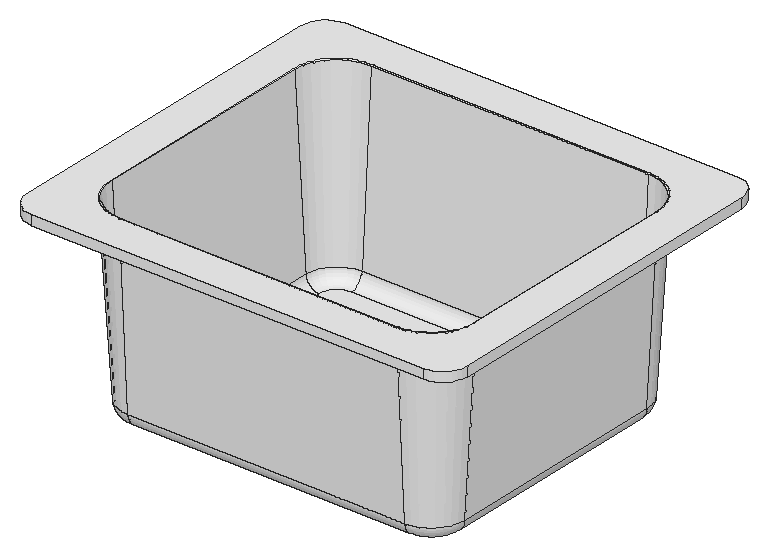
Revit family "Sink-American_Standard-Delancey-77SB16180.308", category Plumbing Fixtures, Revit 2019
Family settings
  Round Connector Dimension = Use Diameter
  Part Type = Normal
  OmniClass Number = 23.45.05.14.14
  OmniClass Title = Sinks/Lavatories
  Work Plane-Based = Yes
  Always vertical = No
  Cut with Voids When Loaded = Yes
  Shared = Yes
  Room Calculation Point = No
Parameters (values of type "77SB16180.308")
  Width = 18"  # constant formula
  Waste Connection Radius = Waste Connection Diameter / 2  # 3/4"
  Waste Connection Height = 11 9/16"
  Waste Connection Diameter = 1 1/2"
  Waste Connection = yes
  Warranty Information = "Limited Lifetime Warranty"
  WFU = 3  # constant formula
  Vent Connection = no
  URL = "https://www.americanstandard-us.com/"
  Type Comments = "Minimum 21\" (533mm) cabinet required"
  Stainless Steel Waste Fitting 9028000.075 = no
  Stainless Steel Bottom Grid 8422000.075 = no
  Sink Offset [instance] = 2"
  Revised Date = "03/07/2022"  # constant formula
  Product Page URL = "https://www.americanstandard-us.com/Single-Bowl-Kitchen-Sinks/Delancey-18-x-16-Inch-Cast-Iron-Undermount-Single-Bowl-Kitchen-Sink/BRILLIANT-WHITE-77SB16180308"
  Product Documentation Link = "https://americanstandard.box.com/shared/static/oyp14e9ec3n5oepqiemd7l81r271jr16.pdf"
  Price = "Prices may vary. Please consult Manufacturer Representative for most up-to-date price list."  # constant formula
  Model = "77SB16180.308"
  Material = "Cast Iron-American Standard-308-Brilliant White"
  Manufacturer = "American Standard"  # constant formula
  Length = 16"  # constant formula
  Installation Type = "Undermount"  # constant formula
  Hot Water Connection Width = 4"
  Hot Water Connection Radius = Hot Water Connection Diameter / 2  # 1/4"
  Hot Water Connection Height = Cold Water Connection Height  # 10 1/16"
  Hot Water Connection Diameter = 1/2"
  Height = 8"  # constant formula
  HWFU = 2  # constant formula
  HW Connection = yes
  Finish = Cast Iron-American Standard-308-Brilliant White
  Description = "Delancey Single Bowl Kitchen Sink"  # constant formula
  Default Elevation = 34"  # constant formula
  Creation Date = "02/07/2019"  # constant formula
  Cold Water Connection Width = Hot Water Connection Width  # 4"
  Cold Water Connection Radius = 1/4"
  Cold Water Connection Height = 10 1/16"
  Cold Water Connection Diameter = Cold Water Connection Radius * 2  # 1/2"
  CWFU = 2  # constant formula
  CW Connection = yes
  Basin Shape = "Rectangular"  # constant formula
  Assembly Code = "D2010410"
  ASME A112.19.2/CSA B45.1 = yes
Reference planes (in)
  plane 1 "Center (Front/Back)": y = 0
  plane 2: z = 0
  plane 3 "Center (Left/Right)": x = 0
  plane 4: x = -9
  plane 5: x = 9
  plane 6: y = -2
  plane 7: y = -18
  plane 8: z = -9
  plane 9: z = -1
  plane 10: y = -3.59375
  plane 11: y = -16.40625
  plane 12: x = 0
  plane 13: x = -7.40625
  plane 14: x = 7.40625
  plane 15: x = -1.09375
  plane 16: x = 1.09375
  plane 17: y = -10
  plane 18: x = -4
  plane 19: x = 4
  plane 20: z = -1.375
  plane 21: x = -4
  plane 22: x = 4
  plane 23: x = 8
  plane 24: z = -8.9375
  plane 25 "Finished FLoor": z = -35
Forms (in)
  Sweep 1, solid, material "Cast Iron-American Standard-308-Brilliant White" <- "Finish"
    path origin (0, 0, 0) x (1, 0, 0) y (0, 1, 0)
      loop
        arc (-5.65625, -3.59375) -> (-6.89369, -4.10631) -> (-7.40625, -5.34375) r 1.75
        line (-7.40625, -5.34375) -> (-7.40625, -14.65625)
        arc (-7.40625, -14.65625) -> (-6.89369, -15.89369) -> (-5.65625, -16.40625) r 1.75
        line (-5.65625, -16.40625) -> (5.65625, -16.40625)
        arc (5.65625, -16.40625) -> (6.89369, -15.89369) -> (7.40625, -14.65625) r 1.75
        line (7.40625, -14.65625) -> (7.40625, -5.34375)
        arc (7.40625, -5.34375) -> (6.89369, -4.10631) -> (5.65625, -3.59375) r 1.75
        line (5.65625, -3.59375) -> (-5.65625, -3.59375)
    profile origin (-7.40625, -10, 0) x (-1, 0, 0) y (0, 0, 1)
      loop
        arc (0.03421, -1) -> (0.01315, -1.00442) -> (-0.00435, -1.01693) r 0.05238
        line (-0.00435, -1.01693) -> (-0.46012, -8.35054)
        arc (-0.46012, -8.35054) -> (-0.63509, -8.72296) -> (-1.01764, -8.87451) r 0.55859
        line (-1.01764, -8.87451) -> (-1.11196, -8.87451) -> (-1.11196, -8.9375) -> (-0.99565, -8.9375)
        arc (-0.99565, -8.9375) -> (-0.58372, -8.77433) -> (-0.39525, -8.37335) r 0.60156
        line (-0.39525, -8.37335) -> (0.04082, -1.375) -> (0.19685, -1.375) -> (0.19685, -1) -> (0.03421, -1)
  Extrusion 2, solid, not visible
    sketch origin (0, 0, 0) x (1, 0, 0) y (0, 0, 1)
      loop
        circle (-4, -11.0625) r 0.25
      loop
        circle (4, -11.0625) r 0.25
      loop
        circle (0, -12.5625) r 0.75
    from 0 to 0.0625
  Extrusion 3, solid, material "Cast Iron-American Standard-308-Brilliant White" <- "Finish"
    sketch origin (0, 0, 0) x (1, 0, 0) y (0, 1, 0)
      loop
        arc (-5.65625, -4.70571) -> (-6.10741, -4.89259) -> (-6.29429, -5.34375) r 0.63804
        line (-6.29429, -5.34375) -> (-6.29429, -14.65625)
        arc (-6.29429, -14.65625) -> (-6.10741, -15.10741) -> (-5.65625, -15.29429) r 0.63804
        line (-5.65625, -15.29429) -> (5.65625, -15.29429)
        arc (5.65625, -15.29429) -> (6.10741, -15.10741) -> (6.29429, -14.65625) r 0.63804
        line (6.29429, -14.65625) -> (6.29429, -5.34375)
        arc (6.29429, -5.34375) -> (6.10741, -4.89259) -> (5.65625, -4.70571) r 0.63804
        line (5.65625, -4.70571) -> (-5.65625, -4.70571)
      loop
        circle (0, -10) r 1.78125
    from -8.9375 to -8.87451
  Extrusion 4, void
    sketch origin (0, 0, 0) x (1, 0, 0) y (0, 1, 0)
      loop
        arc (-5.73631, -3.59375) -> (-6.91714, -4.08286) -> (-7.40625, -5.26369) r 1.66994
        line (-7.40625, -5.26369) -> (-7.40625, -14.73438)
        arc (-7.40625, -14.73438) -> (-6.91657, -15.91657) -> (-5.73437, -16.40625) r 1.67188
        line (-5.73437, -16.40625) -> (5.73438, -16.40625)
        arc (5.73438, -16.40625) -> (6.91657, -15.91657) -> (7.40625, -14.73438) r 1.67188
        line (7.40625, -14.73438) -> (7.40625, -5.26563)
        arc (7.40625, -5.26563) -> (6.91657, -4.08343) -> (5.73438, -3.59375) r 1.67188
        line (5.73438, -3.59375) -> (-5.73631, -3.59375)
    from -9 to 0
  Extrusion 5, solid, material "Cast Iron-American Standard-308-Brilliant White" <- "Finish"
    sketch origin (0, 0, 0) x (1, 0, 0) y (0, 1, 0)
      loop
        arc (-8, -2) -> (-8.70711, -2.29289) -> (-9, -3) r 1
        line (-9, -3) -> (-9, -17)
        arc (-9, -17) -> (-8.70711, -17.70711) -> (-8, -18) r 1
        line (-8, -18) -> (8, -18)
        arc (8, -18) -> (8.70711, -17.70711) -> (9, -17) r 1
        line (9, -17) -> (9, -3)
        arc (9, -3) -> (8.70711, -2.29289) -> (8, -2) r 1
        line (8, -2) -> (-8, -2)
      loop
        arc (-5.65625, -3.3969) -> (-7.03288, -3.96712) -> (-7.6031, -5.34375) r 1.94685
        line (-7.6031, -5.34375) -> (-7.6031, -14.65625)
        arc (-7.6031, -14.65625) -> (-7.03288, -16.03288) -> (-5.65625, -16.6031) r 1.94685
        line (-5.65625, -16.6031) -> (5.65625, -16.6031)
        arc (5.65625, -16.6031) -> (7.03288, -16.03288) -> (7.6031, -14.65625) r 1.94685
        line (7.6031, -14.65625) -> (7.6031, -5.34375)
        arc (7.6031, -5.34375) -> (7.03288, -3.96712) -> (5.65625, -3.3969) r 1.94685
        line (5.65625, -3.3969) -> (-5.65625, -3.3969)
    from -1.375 to -1
  Revolve 6, solid, material "Cast Iron-American Standard-308-Brilliant White" <- "Finish"
    sketch origin (0, -10, 0) x (1, 0, 0) y (0, 0, 1)
      loop
        line (1.82698, -8.96875) -> (1.78125, -9) -> (1.87051, -9) -> (1.95977, -8.9375) -> (1.95977, -8.8741) -> (1.86754, -8.8741)
        arc (1.86754, -8.8741) -> (1.83886, -8.88598) -> (1.82698, -8.91466) r 0.04056
        line (1.82698, -8.91466) -> (1.82698, -8.96875)
      axis (0, -8.8741) -> (0, -9)
    angle from 0 to 360
  Revolve 7, solid, material "Cast Iron-American Standard-308-Brilliant White" <- "Finish"
    sketch origin (0, -10, 0) x (1, 0, 0) y (0, 0, 1)
      loop
        line (1.73772, -8.96875) -> (1.69199, -9) -> (1.78125, -9) -> (1.87051, -8.9375) -> (1.87051, -8.8741) -> (1.77828, -8.8741)
        arc (1.77828, -8.8741) -> (1.7496, -8.88598) -> (1.73772, -8.91466) r 0.04056
        line (1.73772, -8.91466) -> (1.73772, -8.96875)
      axis (0, -8.8741) -> (0, -9)
    angle from 0 to 360
  Revolve 8, solid, material "Cast Iron-American Standard-308-Brilliant White" <- "Finish"
    sketch origin (0, -10, 0) x (1, 0, 0) y (0, 0, 1)
      loop
        line (1.73772, -8.96875) -> (1.69199, -9) -> (1.78125, -9) -> (1.87051, -8.9375) -> (1.87051, -8.8741) -> (1.77828, -8.8741)
        arc (1.77828, -8.8741) -> (1.7496, -8.88598) -> (1.73772, -8.91466) r 0.04056
        line (1.73772, -8.91466) -> (1.73772, -8.96875)
      axis (0, -8.8741) -> (0, -9)
    angle from 0 to 360
Cuts and joins
  joined: Sweep 1, Extrusion 3, Extrusion 5, Revolve 7, Revolve 8
Lines and regions (in)
  Masking region 1
    outline origin (0, 0, 0) x (1, 0, 0) y (0, 1, 0)
      loop
        arc (-8, -2) -> (-8.70711, -2.29289) -> (-9, -3) r 1
        line (-9, -3) -> (-9, -17)
        arc (-9, -17) -> (-8.70711, -17.70711) -> (-8, -18) r 1
        line (-8, -18) -> (8, -18)
        arc (8, -18) -> (8.70711, -17.70711) -> (9, -17) r 1
        line (9, -17) -> (9, -3)
        arc (9, -3) -> (8.70711, -2.29289) -> (8, -2) r 1
        line (8, -2) -> (-8, -2)
  symbolic lines, detail levels fine
    curve 1: circle (0, -10, 0) r 1.78125 normal (0, 0, 1)
  symbolic lines, detail levels medium+fine
    curve 2: line (5.65625, -3.55293, 0) -> (-5.65625, -3.55293, 0)
    curve 3: arc (-5.65625, -3.55293, 0) -> (-6.92255, -4.07745, 0) -> (-7.44707, -5.34375, 0) r 1.79082
    curve 4: line (-7.44707, -5.34375, 0) -> (-7.44707, -14.65625, 0)
    curve 5: arc (-7.44707, -14.65625, 0) -> (-6.92255, -15.92255, 0) -> (-5.65625, -16.44707, 0) r 1.79082
    curve 6: line (-5.65625, -16.44707, 0) -> (5.65625, -16.44707, 0)
    curve 7: arc (5.65625, -16.44707, 0) -> (6.92255, -15.92255, 0) -> (7.44707, -14.65625, 0) r 1.79082
    curve 8: line (7.44707, -14.65625, 0) -> (7.44707, -5.34375, 0)
    curve 9: arc (7.44707, -5.34375, 0) -> (6.92255, -4.07745, 0) -> (5.65625, -3.55293, 0) r 1.79082
Dimensions and locks (in)
  equal spacing: plane 4, plane 3 "Center (Left/Right)", plane 5
  "Sink Offset": plane 1 "Center (Front/Back)" to plane 6
  "Width": plane 4 to plane 5
  "Height": plane 9 to plane 8
  "Hot Water Connection Width": plane 18 to plane 3 "Center (Left/Right)"
  "Cold Water Connection Width": plane 19 to plane 3 "Center (Left/Right)"
  equal spacing: plane 13, plane 3 "Center (Left/Right)", plane 14
  locked: plane 13 to plane 14 at 14.8125
  locked: plane 20 to plane 9 at 0.375
  locked: plane 24 to plane 8 at 0.0625
  level to plane 9 = 1"
  equal spacing: plane 11, plane 17, plane 10, locked at 6.40625 each
  locked: plane 11 to plane 10 at 12.8125
  equal spacing: plane 6, plane 17, plane 7
  "Length": plane 6 to plane 7
  "Cold Water Connection Height": plane 9 to Extrusion 2 sketch curve
  "Waste Connection Height": plane 9 to Extrusion 2 sketch curve
  "Default Elevation": plane 9 to plane 25 "Finished FLoor"
  plane 9 to plane 20 = 3/8"
  "Hot Water Connection Diameter": diameter of Extrusion 2 sketch curve
  "Cold Water Connection Diameter": diameter of Extrusion 2 sketch curve
  "Waste Connection Diameter": diameter of Extrusion 2 sketch curve
  radius of Sweep 1 sketch curve = 1 3/4"  (x4)
  diameter of Extrusion 3 sketch curve = 3 9/16"
  radius of Extrusion 4 sketch curve = 1.66994"
  radius of Extrusion 4 sketch curve = 1 43/64"  (x3)
  radius of Extrusion 5 sketch curve = 1"  (x4)
  diameter of curve 1 = 3 9/16"
  aligned and locked: plane 10 to Sweep 1 sketch curve
  aligned and locked: Sweep 1 sketch curve to plane 13
  aligned and locked: Sweep 1 sketch curve to plane 11
  aligned and locked: plane 19 to Extrusion 2 sketch curve
  aligned and locked: plane 18 to Extrusion 2 sketch curve
  aligned and locked: plane 3 "Center (Left/Right)" to Extrusion 2 sketch curve
  aligned and locked: plane 20 to Sweep 1 sketch curve
  aligned and locked: Sweep 1 sketch curve to plane 9
  aligned and locked: Extrusion 3 sketch curve to Sweep 1  (x4)
  aligned and locked: plane 12 to Extrusion 3 sketch curve
  aligned and locked: plane 17 to Extrusion 3 sketch curve
  aligned and locked: plane 10 to Extrusion 4 sketch curve
  aligned and locked: Extrusion 4 sketch curve to plane 13
  aligned and locked: Extrusion 4 sketch curve to plane 11
  aligned and locked: Extrusion 4 sketch curve to plane 14
  aligned and locked: plane 8 to Extrusion 4
  aligned and locked: curve 1 to cut or joined group of Sweep 1, Extrusion 3, Extrusion 5, Revolve 7, Revolve 8
  aligned and locked: Sweep 1 sketch curve to plane 14
  aligned and locked: curve 3 to cut or joined group of Sweep 1, Extrusion 3, Extrusion 5, Revolve 7, Revolve 8
  aligned and locked: curve 5 to cut or joined group of Sweep 1, Extrusion 3, Extrusion 5, Revolve 7, Revolve 8
  aligned and locked: curve 7 to cut or joined group of Sweep 1, Extrusion 3, Extrusion 5, Revolve 7, Revolve 8
  aligned and locked: curve 9 to cut or joined group of Sweep 1, Extrusion 3, Extrusion 5, Revolve 7, Revolve 8
  aligned and locked: Extrusion 5 sketch curve to plane 6
  aligned and locked: plane 4 to Extrusion 5 sketch curve
  aligned and locked: plane 7 to Extrusion 5 sketch curve
  aligned and locked: plane 5 to Extrusion 5 sketch curve
  aligned and locked: Extrusion 5 sketch curve to cut or joined group of Sweep 1, Extrusion 3, Extrusion 5, Revolve 7, Revolve 8  (x4)
  aligned and locked: plane 20 to Extrusion 5
  aligned and locked: Extrusion 5 to plane 9
  aligned and locked: Masking region 1 sketch curve to cut or joined group of Sweep 1, Extrusion 3, Extrusion 5, Revolve 7, Revolve 8  (x4)
  aligned and locked: level to Extrusion 4
Automatic sketch dimensions
  profile plane to Sweep 1 sketch curve = 1.11196"
  Sweep 1 sketch curve to Sweep 1 sketch curve = 0.09432"
  Sweep 1 sketch curve to Sweep 1 sketch curve = 0.02199"
  profile plane to Sweep 1 sketch curve = 0.46012"
  Sweep 1 sketch curve to Sweep 1 sketch curve = 0.06487"
  profile plane to Sweep 1 sketch curve = 0.00435"
  Sweep 1 sketch curve to profile plane = 0.03421"
  Sweep 1 sketch curve to profile plane = 0.04082"
  Sweep 1 sketch curve to Sweep 1 sketch curve = 0.16264"
  Sweep 1 sketch curve to Sweep 1 sketch curve = 6.94091"
  Sweep 1 sketch curve to Sweep 1 sketch curve = 0.02002"
  Sweep 1 sketch curve to Sweep 1 sketch curve = 0.0146"
  Sweep 1 sketch curve to Sweep 1 sketch curve = 0.02281"
  Sweep 1 sketch curve to Sweep 1 sketch curve = 0.05238"
  Extrusion 4 sketch curve to plane 14 = 0"
  Revolve 6 sketch curve to plane 3 "Center (Left/Right)" = 0"
  Revolve 6 sketch curve to plane 8 = 0"  (x2)
  Revolve 6 sketch curve to plane 24 = 0"
  Revolve 6 sketch curve to plane 16 = 11/16"
  plane 24 to Revolve 6 sketch curve = 0.02284"
  Revolve 6 sketch curve to Revolve 6 sketch curve = 0.04573"
  Revolve 6 sketch curve to Revolve 6 sketch curve = 0.04056"
  Revolve 6 sketch curve to Revolve 6 sketch curve = 0.04353"
  Revolve 6 sketch curve to Revolve 6 sketch curve = 0.09223"
  Revolve 6 sketch curve to plane 8 = 1/32"
  plane 24 to Revolve 6 sketch curve = 0.06299"
  Revolve 7 sketch curve to plane 3 "Center (Left/Right)" = 0"
  Revolve 7 sketch curve to plane 8 = 0"  (x2)
  Revolve 7 sketch curve to plane 24 = 0"
  Revolve 7 sketch curve to plane 16 = 0.59824"
  plane 24 to Revolve 7 sketch curve = 0.02284"
  Revolve 7 sketch curve to Revolve 7 sketch curve = 0.04573"
  Revolve 7 sketch curve to Revolve 7 sketch curve = 0.04056"
  Revolve 7 sketch curve to Revolve 7 sketch curve = 0.04353"
  Revolve 7 sketch curve to Revolve 7 sketch curve = 0.09223"
  Revolve 7 sketch curve to plane 8 = 1/32"
  plane 24 to Revolve 7 sketch curve = 0.06299"
  Revolve 8 sketch curve to plane 3 "Center (Left/Right)" = 0"
  Revolve 8 sketch curve to plane 8 = 0"  (x2)
  Revolve 8 sketch curve to plane 24 = 0"
  Revolve 8 sketch curve to plane 16 = 0.59824"
  plane 24 to Revolve 8 sketch curve = 0.02284"
  Revolve 8 sketch curve to Revolve 8 sketch curve = 0.04573"
  Revolve 8 sketch curve to Revolve 8 sketch curve = 0.04056"
  Revolve 8 sketch curve to Revolve 8 sketch curve = 0.04353"
  Revolve 8 sketch curve to Revolve 8 sketch curve = 0.09223"
  Revolve 8 sketch curve to plane 8 = 1/32"
  plane 24 to Revolve 8 sketch curve = 0.06299"
  plane 8 to Extrusion 2 sketch curve = 2 1/16"
Connectors (in)
  piping at (-4, 0, -11.0625), diameter 0.5, driven by "HWFU", driven by "Hot Water Connection Diameter"
    settings: on Extrusion 2, index 1, connector inside diameter 24", connector length 0", flow factor 0, pipe flow 0 GPM, pressure drop 0.00 psi, fitting loss kfactor 0, connector angle 0.00°, fixture units 2, engagement length 0", angle of deflection 0.00°, flow configuration 3, flow direction 1, fitting loss method 0, system type 19, joint type 0, gender type 0, connector reference index -1, connector utility 0, adjustable connector no, is connector primary yes, connector description "1/2\" HW Inlet"
  piping at (0, 0, -12.5625), diameter 1.5, driven by "WFU", driven by "Waste Connection Diameter"
    settings: on Extrusion 2, index 2, connector inside diameter 24", connector length 0", flow factor 0, pipe flow 0 GPM, pressure drop 0.00 psi, fitting loss kfactor 0, connector angle 0.00°, fixture units 3, engagement length 0", angle of deflection 0.00°, flow configuration 3, flow direction 2, fitting loss method 0, system type 16, joint type 0, gender type 0, connector reference index -1, connector utility 0, adjustable connector yes, is connector primary no, connector description "1-1/2\" Waste Outlet"
  piping at (4, 0, -11.0625), diameter 0.5, driven by "CWFU", driven by "Cold Water Connection Diameter"
    settings: on Extrusion 2, index 3, connector inside diameter 24", connector length 0", flow factor 0, pipe flow 0 GPM, pressure drop 0.00 psi, fitting loss kfactor 0, connector angle 0.00°, fixture units 2, engagement length 0", angle of deflection 0.00°, flow configuration 3, flow direction 1, fitting loss method 0, system type 20, joint type 0, gender type 0, connector reference index -1, connector utility 0, adjustable connector no, is connector primary no, connector description "1/2\" CW Inlet"
